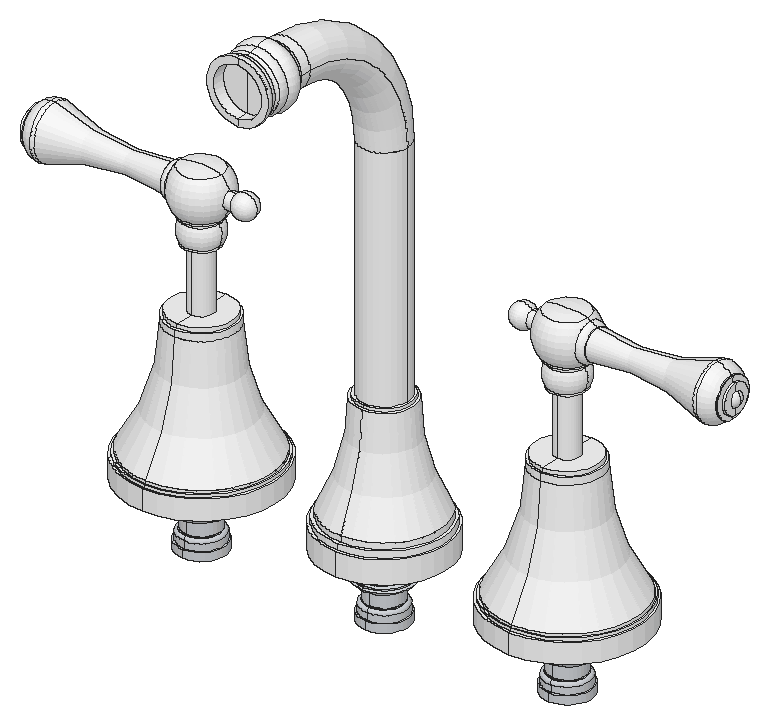
Revit family "Reece_Tap_Kado_Era_Wall Bath Set", category Plumbing Fixtures, host Face, Revit 2018
Family settings
  Host = Face
  Round Connector Dimension = Use Diameter
  Part Type = Normal
  Cut with Voids When Loaded = No
  Shared = Yes
  Room Calculation Point = Yes
Parameters (values of type "200 mm_Lever Handle_Chrome")
  WFU = 0  # constant formula
  URL = "https://www.reece.com.au/product/-9507588"
  Type Comments = "Tap"
  Reece_Tap_Reach = 200 mm
  Reece_Tap_Inlet = 12 mm  # constant formula
  Reece_Tap_Clearance = 75 mm  # constant formula
  Reece_Tap_Axis Distance [instance] = 150 mm
  Reece_Product_Web Page = "https://www.reece.com.au/product/-9507588"
  Reece_Product_Type = "Tap"  # constant formula
  Reece_Product_Sub Brand = "Era"  # constant formula
  Reece_Product_Number = "9507588"
  Reece_Product_Mount = "Wall Mounted"
  Reece_Product_Description = "Kado Era Wall Bath Set 200mm Lever Handle Chrome"
  Reece_Product_Brand = "Kado"  # constant formula
  Reece_Material_Secondary = Reece_Brass_Chrome
  Reece_Material_Colour = Reece_Brass_Chrome
  Reece_Material-Main = Reece_Brass_Chrome
  Reece_Handle_Type = Reece_Tap_Kado_Era_Wall Bath Set_Lever Handle_116 mm_Nested : Reece_Tap_Kado_Era_Wall Bath Set_Lever Handle_116 mm_Nested
  Reece_Detail_Shape = ""
  Reece_Detail_Installation = ""
  Reece_Detail_Disclaimer = "THIS FILE IS THE PROPERTY OF THE REECE GROUP. IT MAY NOT BE REPRODUCED, REVERSE-ENGINEERED OR MODIFIED. ANY REPUBLICATION, TRANSMISSION OR DISTRIBUTION FOR THE PURPOSE OF COMMERCIALLY EXPLOITING THE FILES IS PROHIBITED."  # constant formula
  Reece_Detail_Connector = ""
  Reece_Detail_Additional = "Wall Bath Set"
  Reece_Backplate_Diameter = 60 mm  # constant formula
  Model = "Era"
  Manufacturer = "Kado"
  Keynote = "Product #9507588, Reece_Tap_Kado_Era_Wall Bath Set - 200 mm_Lever Handle_Chrome"
  HWFU = 0  # constant formula
  Disclaimer = "THIS FILE IS THE PROPERTY OF THE REECE GROUP. IT MAY NOT BE REPRODUCED, REVERSE-ENGINEERED OR MODIFIED. ANY REPUBLICATION, TRANSMISSION OR DISTRIBUTION FOR THE PURPOSE OF COMMERCIALLY EXPLOITING THE FILES IS PROHIBITED."  # constant formula
  Description = "Kado Era Wall Bath Set 200mm Lever Handle Chrome"
  Default Elevation = 1000 mm
  CWFU = 0  # constant formula
Types (30, lengths in mm): name | URL | Reece_Tap_Reach | Reece_Product_Web Page | Reece_Product_Number | Reece_Product_Description | Reece_Material_Secondary | Reece_Material_Colour | Reece_Material-Main | Reece_Handle_Type | Reece_Detail_Additional | Keynote | Description
  (no name) | "https://www.reece.com.au/product/-9512070" | 250 | "https://www.reece.com.au/product/-9512070" | "9512070" | "Kado Era Wall Bath Set 250mm Lever Porcelain Handle Brushed Nickel" | Reece_Porcelain_White | Reece_Brass_Brushed Nickel | Reece_Brass_Brushed Nickel | Reece_Tap_Kado_Era_Wall Bath Set_Porcelain_Lever Handle_116 mm_Nested : Reece_Tap_Kado_Era_Wall Bath Set_Porcelain_Lever Handle_116 mm_Nested | "" | "Product #9512070, Reece_Tap_Kado_Era_Wall Bath Set -  " | "Kado Era Wall Bath Set 250mm Lever Porcelain Handle Brushed Nickel"
  250 mm_Lever Handle_Chrome | "https://www.reece.com.au/product/-9507594" | 250 | "https://www.reece.com.au/product/-9507594" | "9507594" | "Kado Era Wall Bath Set 250mm Lever Handle Chrome" | Reece_Brass_Chrome | Reece_Brass_Chrome | Reece_Brass_Chrome | Reece_Tap_Kado_Era_Wall Bath Set_Lever Handle_116 mm_Nested : Reece_Tap_Kado_Era_Wall Bath Set_Lever Handle_116 mm_Nested | "Wall Bath Set" | "Product #9507594, Reece_Tap_Kado_Era_Wall Bath Set - 250 mm_Lever Handle_Chrome" | "Kado Era Wall Bath Set 250mm Lever Handle Chrome"
  250 mm_Lever Handle_Matte Black | "https://www.reece.com.au/product/-2263696" | 250 | "https://www.reece.com.au/product/-2263696" | "2263696" | "Kado Era Wall Bath Set 250mm Lever Handle Matte Black" | Reece_Brass_Matte Black | Reece_Brass_Matte Black | Reece_Brass_Matte Black | Reece_Tap_Kado_Era_Wall Bath Set_Lever Handle_116 mm_Nested : Reece_Tap_Kado_Era_Wall Bath Set_Lever Handle_116 mm_Nested | "Wall Bath Set" | "Product #2263696, Reece_Tap_Kado_Era_Wall Bath Set - 250 mm_Lever Handle_Matte Black" | "Kado Era Wall Bath Set 250mm Lever Handle Matte Black"
  250 mm_Lever Handle_Brass Gold_Porcelain | "https://www.reece.com.au/product/-9507595" | 250 | "https://www.reece.com.au/product/-9507595" | "9507595" | "Kado Era Wall Bath Set 250mm Lever Porcelain Handle Brass Gold" | Reece_Porcelain_White | Reece_Brass_Gold | Reece_Brass_Gold | Reece_Tap_Kado_Era_Wall Bath Set_Porcelain_Lever Handle_116 mm_Nested : Reece_Tap_Kado_Era_Wall Bath Set_Porcelain_Lever Handle_116 mm_Nested | "Wall Bath Set" | "Product #9507595, Reece_Tap_Kado_Era_Wall Bath Set - 250 mm_Lever Handle_Brass Gold_Porcelain" | "Kado Era Wall Bath Set 250mm Lever Porcelain Handle Brass Gold"
  250 mm_Lever Handle_Chrome_Porcelain | "https://www.reece.com.au/product/-9507596" | 250 | "https://www.reece.com.au/product/-9507596" | "9507596" | "Kado Era Wall Bath Set 250mm Lever Porcelain Handle Chrome" | Reece_Porcelain_White | Reece_Brass_Chrome | Reece_Brass_Chrome | Reece_Tap_Kado_Era_Wall Bath Set_Porcelain_Lever Handle_116 mm_Nested : Reece_Tap_Kado_Era_Wall Bath Set_Porcelain_Lever Handle_116 mm_Nested | "Wall Bath Set" | "Product #9507596, Reece_Tap_Kado_Era_Wall Bath Set - 250 mm_Lever Handle_Chrome_Porcelain" | "Kado Era Wall Bath Set 250mm Lever Porcelain Handle Chrome"
  250 mm_Cross Handle_Chrome | "https://www.reece.com.au/product/-9507592" | 250 | "https://www.reece.com.au/product/-9507592" | "9507592" | "Kado Era Wall Bath Set 250mm Cross Handles Chrome" | Reece_Brass_Chrome | Reece_Plastic_White | Reece_Brass_Chrome | Reece_Tap_Kado_Era_Wall Bath Set_Cross Handle_116 mm_Nested : Reece_Tap_Kado_Era_Wall Bath Set_Cross Handle_116 mm_Nested | "Wall Bath Set" | "Product #9507592, Reece_Tap_Kado_Era_Wall Bath Set - 250 mm_Cross Handle_Chrome" | "Kado Era Wall Bath Set 250mm Cross Handles Chrome"
  250 mm_Cross Handle_Brass Gold | "https://www.reece.com.au/product/-9507591" | 250 | "https://www.reece.com.au/product/-9507591" | "9507591" | "Kado Era Wall Bath Set 250mm Cross Handles Brass Gold" | Reece_Brass_Gold | Reece_Plastic_White | Reece_Brass_Gold | Reece_Tap_Kado_Era_Wall Bath Set_Cross Handle_116 mm_Nested : Reece_Tap_Kado_Era_Wall Bath Set_Cross Handle_116 mm_Nested | "Wall Bath Set" | "Product #9507591, Reece_Tap_Kado_Era_Wall Bath Set - 250 mm_Cross Handle_Brass Gold" | "Kado Era Wall Bath Set 250mm Cross Handles Brass Gold"
  200 mm_Lever Handle_Chrome_Porcelain | "https://www.reece.com.au/product/-9507590" | 200 | "https://www.reece.com.au/product/-9507590" | "9507590" | "Kado Era Wall Bath Set 200mm Lever Porcelain Handle Chrome" | Reece_Porcelain_White | Reece_Brass_Chrome | Reece_Brass_Chrome | Reece_Tap_Kado_Era_Wall Bath Set_Porcelain_Lever Handle_116 mm_Nested : Reece_Tap_Kado_Era_Wall Bath Set_Porcelain_Lever Handle_116 mm_Nested | "Wall Bath Set" | "Product #9507590, Reece_Tap_Kado_Era_Wall Bath Set - 200 mm_Lever Handle_Chrome_Porcelain" | "Kado Era Wall Bath Set 200mm Lever Porcelain Handle Chrome"
  200 mm_Lever Handle_Brass Gold_Porcelain | "https://www.reece.com.au/product/-9507589" | 200 | "https://www.reece.com.au/product/-9507589" | "9507589" | "Kado Era Wall Bath Set 200mm Lever Porcelain Handle Brass Gold" | Reece_Porcelain_White | Reece_Brass_Gold | Reece_Brass_Gold | Reece_Tap_Kado_Era_Wall Bath Set_Porcelain_Lever Handle_116 mm_Nested : Reece_Tap_Kado_Era_Wall Bath Set_Porcelain_Lever Handle_116 mm_Nested | "Wall Bath Set" | "Product #9507589, Reece_Tap_Kado_Era_Wall Bath Set - 200 mm_Lever Handle_Brass Gold_Porcelain" | "Kado Era Wall Bath Set 200mm Lever Porcelain Handle Brass Gold"
  200 mm_Lever Handle_Matte Black | "https://www.reece.com.au/product/-2263695" | 200 | "https://www.reece.com.au/product/-2263695" | "2263695" | "Kado Era Wall Bath Set 200mm Lever Handle Matte Black" | Reece_Brass_Matte Black | Reece_Brass_Matte Black | Reece_Brass_Matte Black | Reece_Tap_Kado_Era_Wall Bath Set_Lever Handle_116 mm_Nested : Reece_Tap_Kado_Era_Wall Bath Set_Lever Handle_116 mm_Nested | "Wall Bath Set" | "Product #2263695, Reece_Tap_Kado_Era_Wall Bath Set - 200 mm_Lever Handle_Matte Black" | "Kado Era Wall Bath Set 200mm Lever Handle Matte Black"
  200 mm_Lever Handle_Chrome | "https://www.reece.com.au/product/-9507588" | 200 | "https://www.reece.com.au/product/-9507588" | "9507588" | "Kado Era Wall Bath Set 200mm Lever Handle Chrome" | Reece_Brass_Chrome | Reece_Brass_Chrome | Reece_Brass_Chrome | Reece_Tap_Kado_Era_Wall Bath Set_Lever Handle_116 mm_Nested : Reece_Tap_Kado_Era_Wall Bath Set_Lever Handle_116 mm_Nested | "Wall Bath Set" | "Product #9507588, Reece_Tap_Kado_Era_Wall Bath Set - 200 mm_Lever Handle_Chrome" | "Kado Era Wall Bath Set 200mm Lever Handle Chrome"
  200 mm_Lever Handle_Brass Gold | "https://www.reece.com.au/product/-9507587" | 200 | "https://www.reece.com.au/product/-9507587" | "9507587" | "Kado Era Wall Bath Set 200mm Lever Handle Brass Gold" | Reece_Brass_Gold | Reece_Brass_Gold | Reece_Brass_Gold | Reece_Tap_Kado_Era_Wall Bath Set_Lever Handle_116 mm_Nested : Reece_Tap_Kado_Era_Wall Bath Set_Lever Handle_116 mm_Nested | "Wall Bath Set" | "Product #9507587, Reece_Tap_Kado_Era_Wall Bath Set - 200 mm_Lever Handle_Brass Gold" | "Kado Era Wall Bath Set 200mm Lever Handle Brass Gold"
  200 mm_Cross Handle_Chrome | "https://www.reece.com.au/product/-9507585" | 200 | "https://www.reece.com.au/product/-9507585" | "9507585" | "Kado Era Wall Bath Set 200mm Cross Handles Chrome" | Reece_Brass_Chrome | Reece_Plastic_White | Reece_Brass_Chrome | Reece_Tap_Kado_Era_Wall Bath Set_Cross Handle_116 mm_Nested : Reece_Tap_Kado_Era_Wall Bath Set_Cross Handle_116 mm_Nested | "Wall Bath Set" | "Product #9507585, Reece_Tap_Kado_Era_Wall Bath Set - 200 mm_Cross Handle_Chrome" | "Kado Era Wall Bath Set 200mm Cross Handles Chrome"
  200 mm_Cross Handle_Brass Gold | "https://www.reece.com.au/product/-9507584" | 200 | "https://www.reece.com.au/product/-9507584" | "9507584" | "Kado Era Wall Bath Set 200mm Cross Handles Brass Gold" | Reece_Brass_Gold | Reece_Plastic_White | Reece_Brass_Gold | Reece_Tap_Kado_Era_Wall Bath Set_Cross Handle_116 mm_Nested : Reece_Tap_Kado_Era_Wall Bath Set_Cross Handle_116 mm_Nested | "Wall Bath Set" | "Product #9507584, Reece_Tap_Kado_Era_Wall Bath Set - 200 mm_Cross Handle_Brass Gold" | "Kado Era Wall Bath Set 200mm Cross Handles Brass Gold"
  150 mm_Lever Handle_Chrome_Porcelain | "https://www.reece.com.au/product/-9507600" | 150 | "https://www.reece.com.au/product/-9507600" | "9507600" | "Kado Era Wall Bath Set 150mm Lever Porcelain Handle Chrome" | Reece_Porcelain_White | Reece_Brass_Chrome | Reece_Brass_Chrome | Reece_Tap_Kado_Era_Wall Bath Set_Porcelain_Lever Handle_116 mm_Nested : Reece_Tap_Kado_Era_Wall Bath Set_Porcelain_Lever Handle_116 mm_Nested | "Wall Bath Set" | "Product #9507600, Reece_Tap_Kado_Era_Wall Bath Set - 150 mm_Lever Handle_Chrome_Porcelain" | "Kado Era Wall Bath Set 150mm Lever Porcelain Handle Chrome"
  150 mm_Lever Handle_Brass Gold_Porcelain | "https://www.reece.com.au/product/-9507599" | 150 | "https://www.reece.com.au/product/-9507599" | "9507599" | "Kado Era Wall Bath Set 150mm Lever Porcelain Handle Brass Gold" | Reece_Porcelain_White | Reece_Brass_Gold | Reece_Brass_Gold | Reece_Tap_Kado_Era_Wall Bath Set_Porcelain_Lever Handle_116 mm_Nested : Reece_Tap_Kado_Era_Wall Bath Set_Porcelain_Lever Handle_116 mm_Nested | "Wall Bath Set" | "Product #9507599, Reece_Tap_Kado_Era_Wall Bath Set - 150 mm_Lever Handle_Brass Gold_Porcelain" | "Kado Era Wall Bath Set 150mm Lever Porcelain Handle Brass Gold"
  150 mm_Lever Handle_Matte Black | "https://www.reece.com.au/product/-2263694" | 150 | "https://www.reece.com.au/product/-2263694" | "2263694" | "Kado Era Wall Bath Set 150mm Lever Handle Matte Black" | Reece_Brass_Matte Black | Reece_Brass_Matte Black | Reece_Brass_Matte Black | Reece_Tap_Kado_Era_Wall Bath Set_Lever Handle_116 mm_Nested : Reece_Tap_Kado_Era_Wall Bath Set_Lever Handle_116 mm_Nested | "Wall Bath Set" | "Product #2263694, Reece_Tap_Kado_Era_Wall Bath Set - 150 mm_Lever Handle_Matte Black" | "Kado Era Wall Bath Set 150mm Lever Handle Matte Black"
  150 mm_Lever Handle_Chrome | "https://www.reece.com.au/product/-9507598" | 150 | "https://www.reece.com.au/product/-9507598" | "9507598" | "Kado Era Wall Bath Set 150mm Lever Handle Chrome" | Reece_Brass_Chrome | Reece_Brass_Chrome | Reece_Brass_Chrome | Reece_Tap_Kado_Era_Wall Bath Set_Lever Handle_116 mm_Nested : Reece_Tap_Kado_Era_Wall Bath Set_Lever Handle_116 mm_Nested | "Wall Bath Set" | "Product #9507598, Reece_Tap_Kado_Era_Wall Bath Set - 150 mm_Lever Handle_Chrome" | "Kado Era Wall Bath Set 150mm Lever Handle Chrome"
  150 mm_Lever Handle_Brass Gold | "https://www.reece.com.au/product/-9507597" | 150 | "https://www.reece.com.au/product/-9507597" | "9507597" | "Kado Era Wall Bath Set 150mm Lever Handle Brass Gold" | Reece_Brass_Gold | Reece_Brass_Gold | Reece_Brass_Gold | Reece_Tap_Kado_Era_Wall Bath Set_Lever Handle_116 mm_Nested : Reece_Tap_Kado_Era_Wall Bath Set_Lever Handle_116 mm_Nested | "Wall Bath Set" | "Product #9507597, Reece_Tap_Kado_Era_Wall Bath Set - 150 mm_Lever Handle_Brass Gold" | "Kado Era Wall Bath Set 150mm Lever Handle Brass Gold"
  150 mm_Cross Handle_Chrome | "https://www.reece.com.au/product/-9507593" | 150 | "https://www.reece.com.au/product/-9507593" | "9507593" | "Kado Era Wall Bath Set 150mm Cross Handles Chrome" | Reece_Brass_Chrome | Reece_Plastic_White | Reece_Brass_Chrome | Reece_Tap_Kado_Era_Wall Bath Set_Cross Handle_116 mm_Nested : Reece_Tap_Kado_Era_Wall Bath Set_Cross Handle_116 mm_Nested | "Wall Bath Set" | "Product #9507593, Reece_Tap_Kado_Era_Wall Bath Set - 150 mm_Cross Handle_Chrome" | "Kado Era Wall Bath Set 150mm Cross Handles Chrome"
  150 mm_Cross Handle_Brass Gold | "https://www.reece.com.au/product/-9507586" | 150 | "https://www.reece.com.au/product/-9507586" | "9507586" | "Kado Era Wall Bath Set 150mm Cross Handles Brass Gold" | Reece_Brass_Gold | Reece_Plastic_White | Reece_Brass_Gold | Reece_Tap_Kado_Era_Wall Bath Set_Cross Handle_116 mm_Nested : Reece_Tap_Kado_Era_Wall Bath Set_Cross Handle_116 mm_Nested | "Wall Bath Set" | "Product #9507586, Reece_Tap_Kado_Era_Wall Bath Set - 150 mm_Cross Handle_Brass Gold" | "Kado Era Wall Bath Set 150mm Cross Handles Brass Gold"
  150 mm_Cross Handle_Brushed Nickel | "https://www.reece.com.au/product/-9512062" | 150 | "https://www.reece.com.au/product/-9512062" | "9512062" | "Kado Era Wall Bath Set 150mm Cross Handles Brushed Nickel" | Reece_Brass_Brushed Nickel | Reece_Plastic_White | Reece_Brass_Brushed Nickel | Reece_Tap_Kado_Era_Wall Bath Set_Cross Handle_116 mm_Nested : Reece_Tap_Kado_Era_Wall Bath Set_Cross Handle_116 mm_Nested | "" | "Product #9512062, Reece_Tap_Kado_Era_Wall Bath Set - 150 mm_Cross Handle_Brushed Nickel" | "Kado Era Wall Bath Set 150mm Cross Handles Brushed Nickel"
  150 mm_Lever Handle_Brushed Nickel | "https://www.reece.com.au/product/-9512065" | 150 | "https://www.reece.com.au/product/-9512065" | "9512065" | "Kado Era Wall Bath Set 150mm Lever Handle Brushed Nickel" | Reece_Brass_Brushed Nickel | Reece_Plastic_White | Reece_Brass_Brushed Nickel | Reece_Tap_Kado_Era_Wall Bath Set_Lever Handle_116 mm_Nested : Reece_Tap_Kado_Era_Wall Bath Set_Lever Handle_116 mm_Nested | "" | "Product #9512065, Reece_Tap_Kado_Era_Wall Bath Set - 150 mm_Lever Handle_Brushed Nickel" | "Kado Era Wall Bath Set 150mm Lever Handle Brushed Nickel"
  150 mm_Lever Handle_Brushed Nickel_Porcelain | "https://www.reece.com.au/product/-9512068" | 150 | "https://www.reece.com.au/product/-9512068" | "9512068" | "Kado Era Wall Bath Set 150mm Lever Porcelain Handle Brushed Nickel" | Reece_Porcelain_White | Reece_Brass_Brushed Nickel | Reece_Brass_Brushed Nickel | Reece_Tap_Kado_Era_Wall Bath Set_Porcelain_Lever Handle_116 mm_Nested : Reece_Tap_Kado_Era_Wall Bath Set_Porcelain_Lever Handle_116 mm_Nested | "" | "Product #9512068, Reece_Tap_Kado_Era_Wall Bath Set - 150 mm_Lever Handle_Brushed Nickel_Porcelain" | "Kado Era Wall Bath Set 150mm Lever Porcelain Handle Brushed Nickel"
  200 mm_Cross Handle_Brushed Nickel | "https://www.reece.com.au/product/-9512063" | 200 | "https://www.reece.com.au/product/-9512063" | "9512063" | "Kado Era Wall Bath Set 200mm Cross Handles Brushed Nickel" | Reece_Brass_Brushed Nickel | Reece_Plastic_White | Reece_Brass_Brushed Nickel | Reece_Tap_Kado_Era_Wall Bath Set_Cross Handle_116 mm_Nested : Reece_Tap_Kado_Era_Wall Bath Set_Cross Handle_116 mm_Nested | "" | "Product #9512063, Reece_Tap_Kado_Era_Wall Bath Set - 200 mm_Cross Handle_Brushed Nickel" | "Kado Era Wall Bath Set 200mm Cross Handles Brushed Nickel"
  200 mm_Lever Handle_Brushed Nickel | "https://www.reece.com.au/product/-9512066" | 200 | "https://www.reece.com.au/product/-9512066" | "9512066" | "Kado Era Wall Bath Set 200mm Lever Handle Brushed Nickel" | Reece_Brass_Brushed Nickel | Reece_Brass_Brushed Nickel | Reece_Brass_Brushed Nickel | Reece_Tap_Kado_Era_Wall Bath Set_Lever Handle_116 mm_Nested : Reece_Tap_Kado_Era_Wall Bath Set_Lever Handle_116 mm_Nested | "" | "Product #9512066, Reece_Tap_Kado_Era_Wall Bath Set - 200 mm_Lever Handle_Brushed Nickel" | "Kado Era Wall Bath Set 200mm Lever Handle Brushed Nickel"
  200 mm_Lever Handle_Brushed Nickel_Porcelain | "https://www.reece.com.au/product/-9512069" | 200 | "https://www.reece.com.au/product/-9512069" | "9512069" | "Kado Era Wall Bath Set 200mm Lever Porcelain Handle Brushed Nickel" | Reece_Porcelain_White | Reece_Brass_Brushed Nickel | Reece_Brass_Brushed Nickel | Reece_Tap_Kado_Era_Wall Bath Set_Porcelain_Lever Handle_116 mm_Nested : Reece_Tap_Kado_Era_Wall Bath Set_Porcelain_Lever Handle_116 mm_Nested | "" | "Product #9512069, Reece_Tap_Kado_Era_Wall Bath Set - 200 mm_Lever Handle_Brushed Nickel_Porcelain" | "Kado Era Wall Bath Set 200mm Lever Porcelain Handle Brushed Nickel"
  250 mm_Cross Handle_Brushed Nickel | "https://www.reece.com.au/product/-9512064" | 250 | "https://www.reece.com.au/product/-9512064" | "9512064" | "Kado Era Wall Bath Set 250mm Cross Handles Brushed Nickel" | Reece_Brass_Brushed Nickel | Reece_Plastic_White | Reece_Brass_Brushed Nickel | Reece_Tap_Kado_Era_Wall Bath Set_Cross Handle_116 mm_Nested : Reece_Tap_Kado_Era_Wall Bath Set_Cross Handle_116 mm_Nested | "" | "Product #9512064, Reece_Tap_Kado_Era_Wall Bath Set - 250 mm_Cross Handle_Brushed Nickel" | "Kado Era Wall Bath Set 250mm Cross Handles Brushed Nickel"
  250 mm_Lever Handle_Brushed Nickel | "https://www.reece.com.au/product/-9512067" | 250 | "https://www.reece.com.au/product/-9512067" | "9512067" | "Kado Era Wall Bath Set 250mm Lever Handle Brushed Nickel" | Reece_Brass_Brushed Nickel | Reece_Brass_Brushed Nickel | Reece_Brass_Brushed Nickel | Reece_Tap_Kado_Era_Wall Bath Set_Lever Handle_116 mm_Nested : Reece_Tap_Kado_Era_Wall Bath Set_Lever Handle_116 mm_Nested | "" | "Product #9512067, Reece_Tap_Kado_Era_Wall Bath Set - 250 mm_Lever Handle_Brushed Nickel" | "Kado Era Wall Bath Set 250mm Lever Handle Brushed Nickel"
  250 mm_Lever Handle_Brushed Nickel_Porcelain | "https://www.reece.com.au/product/-9512070" | 250 | "https://www.reece.com.au/product/-9512070" | "9512070" | "Kado Era Wall Bath Set 250mm Lever Porcelain Handle Brushed Nickel" | Reece_Porcelain_White | Reece_Brass_Brushed Nickel | Reece_Brass_Brushed Nickel | Reece_Tap_Kado_Era_Wall Bath Set_Porcelain_Lever Handle_116 mm_Nested : Reece_Tap_Kado_Era_Wall Bath Set_Porcelain_Lever Handle_116 mm_Nested | "" | "Product #9512070, Reece_Tap_Kado_Era_Wall Bath Set - 250 mm_Lever Handle_Brushed Nickel_Porcelain" | "Kado Era Wall Bath Set 250mm Lever Porcelain Handle Brushed Nickel"
Reference planes
  plane 1 "Center (Front/Back)": y = 0
  plane 2 "Bottom": z = 0
  plane 3 "Center (Left/Right)": x = 0
  plane 4 "left": x = -75
  plane 5 "right": x = 75
  plane 6: y = -30
  plane 7: y = 30
  plane 8: y = -75
  plane 9: z = 200
Forms (mm)
  Revolve 1, solid
    sketch origin (-75, -128.901, 1219.2) x (0, -1, 0) y (0, 0, 1)
      loop
        line (-130.291, -1249.229) -> (-128.901, -1249.229) -> (-128.901, -1219.2) -> (-140.374, -1219.2) -> (-140.374, -1222.813) -> (-139.398, -1223.187) -> (-139.398, -1223.987) -> (-140.37, -1224.549) -> (-139.398, -1225.023) -> (-139.398, -1225.823) -> (-140.359, -1226.378) -> (-139.398, -1226.846) -> (-139.398, -1227.646) -> (-140.366, -1228.205) -> (-139.398, -1228.616) -> (-139.398, -1229.416) -> (-140.275, -1229.923) -> (-139.166, -1231.032) -> (-136.181, -1231.032) -> (-136.181, -1237.729) -> (-135.615, -1238.294) -> (-136.415, -1238.294)
        arc (-136.415, -1238.294) -> (-137.255, -1238.642) -> (-137.603, -1239.482) r 1.188
        line (-137.603, -1239.482) -> (-137.603, -1242.245) -> (-138.403, -1242.245) -> (-138.403, -1245.49) -> (-132.464, -1245.49) -> (-130.291, -1249.229)
      axis (-128.901, -1219.2) -> (-128.901, -1249.229)
    angle from 0 to 360
  Revolve 2, void
    sketch origin (0, 0, 0) x (1, 0, 0) y (0, 0, 1)
      loop
        line (-75, -37.024) -> (-75, 0) -> (-90.541, 0) -> (-90.541, -37.024) -> (-75, -37.024)
      axis (-75, 0) -> (-75, -37.024)
    angle from 0 to 360
  Revolve 3, void
    sketch origin (0, 0, 0) x (-1, 0, 0) y (0, 0, 1)
      loop
        line (-75, -37.024) -> (-75, 0) -> (-90.541, 0) -> (-90.541, -37.024) -> (-75, -37.024)
      axis (-75, 0) -> (-75, -37.024)
    angle from 0 to 360
  Revolve 4, solid
    sketch origin (75, -134.759, 1219.2) x (0, -1, 0) y (0, 0, 1)
      loop
        line (-136.149, -1249.229) -> (-134.759, -1249.229) -> (-134.759, -1219.2) -> (-146.232, -1219.2) -> (-146.232, -1222.813) -> (-145.256, -1223.187) -> (-145.256, -1223.987) -> (-146.228, -1224.549) -> (-145.256, -1225.023) -> (-145.256, -1225.823) -> (-146.216, -1226.378) -> (-145.256, -1226.846) -> (-145.256, -1227.646) -> (-146.223, -1228.205) -> (-145.256, -1228.616) -> (-145.256, -1229.416) -> (-146.133, -1229.923) -> (-145.024, -1231.032) -> (-142.038, -1231.032) -> (-142.038, -1237.729) -> (-141.473, -1238.294) -> (-142.273, -1238.294)
        arc (-142.273, -1238.294) -> (-143.113, -1238.642) -> (-143.461, -1239.482) r 1.188
        line (-143.461, -1239.482) -> (-143.461, -1242.245) -> (-144.261, -1242.245) -> (-144.261, -1245.49) -> (-138.322, -1245.49) -> (-136.149, -1249.229)
      axis (-134.759, -1219.2) -> (-134.759, -1249.229)
    angle from 0 to 360
  Revolve 5, solid, material "Reece_Brass_Chrome" <- "Reece_Material-Main"
    sketch origin (0, 0, 0) x (0, 1, 0) y (0, 0, 1)
      loop
        line (0, 0) -> (0, 56.755) -> (-10.622, 56.755) -> (-10.622, 55.568) -> (-11.75, 55.568)
        arc (-11.75, 55.568) -> (-14.255, 34.066) -> (-22.54, 14.068) r 78.452
        line (-22.54, 14.068) -> (-22.54, 11.755) -> (-23.802, 11.755) -> (-23.802, 9.291) -> (-25, 9.291) -> (-25, 0) -> (0, 0)
      axis (0, 0) -> (0, 56.755)
    angle from 0 to 360
  Sweep 6, solid, material "Reece_Brass_Chrome" <- "Reece_Material-Main"
    path origin (0, 0, 0) x (0, 1, 0) y (0, 0, 1)
      loop
        line (-54.466, 200) -> (-50, 200)
        arc (-50, 200) -> (-14.645, 185.355) -> (0, 150) r 50
        line (0, 150) -> (0, 56.755)
    profile origin (0, 0, 103.377) x (1, 0, 0) y (0, 1, 0)
      loop
        circle (0, 0) r 9.5
  Revolve 7, solid, material "Reece_Brass_Chrome" <- "Reece_Material-Main"
    sketch origin (0, 0, -50) x (0, 1, 0) y (0, 0, 1)
      loop
        line (-75, 259.802) -> (-70.319, 259.802) -> (-70.319, 250) -> (-54.466, 250) -> (-54.466, 259.5)
        arc (-54.466, 259.5) -> (-55.464, 260.226) -> (-56.663, 260.524) r 3.227
        arc (-56.663, 260.524) -> (-60.299, 262.942) -> (-64.563, 261.999) r 5.578
        arc (-64.563, 261.999) -> (-66.576, 262.163) -> (-68.496, 261.537) r 5.133
        arc (-68.496, 261.537) -> (-69.426, 261.226) -> (-70.404, 261.284) r 2.586
        arc (-70.404, 261.284) -> (-71.233, 261.78) -> (-72.199, 261.74) r 1.687
        arc (-72.199, 261.74) -> (-73.493, 262.522) -> (-75, 262.635) r 3.254
        line (-75, 262.635) -> (-75, 259.802)
      axis (-54.466, 250) -> (-75, 250)
    angle from 0 to 360
  Revolve 8, solid
    sketch origin (0, 0, 0) x (0, 1, 0) y (0, 0, 1)
      loop
        line (1.39, -30.029) -> (3.563, -26.29) -> (9.502, -26.29) -> (9.502, -23.045) -> (8.702, -23.045) -> (8.702, -20.282)
        arc (8.702, -20.282) -> (8.354, -19.442) -> (7.514, -19.094) r 1.188
        line (7.514, -19.094) -> (6.714, -19.094) -> (7.28, -18.529) -> (7.28, -11.832) -> (10.266, -11.832) -> (11.374, -10.723) -> (10.497, -10.216) -> (10.497, -9.416) -> (11.465, -9.005) -> (10.497, -8.446) -> (10.497, -7.646) -> (11.458, -7.178) -> (10.497, -6.623) -> (10.497, -5.823) -> (11.469, -5.349) -> (10.497, -4.787) -> (10.497, -3.987) -> (11.473, -3.613) -> (11.473, 0) -> (0, 0) -> (0, -30.029) -> (1.39, -30.029)
      axis (0, 0) -> (0, -30.029)
    angle from 0 to 360
  Revolve 9, void
    sketch origin (-75, 0, 0) x (-1, 0, 0) y (0, 0, 1)
      loop
        line (-75, -37.024) -> (-75, 0) -> (-90.541, 0) -> (-90.541, -37.024) -> (-75, -37.024)
      axis (-75, 0) -> (-75, -37.024)
    angle from 0 to 360
Cuts and joins
  joined: Revolve 5, Sweep 6, Revolve 7
Text (mm)
  text "Reece Copyright © 2018, Reece Ltd." at (18.968, -193.79, 0), in view "Ref. Level"
  text "Reece ©" at (44.384, 258.95, 192.345), in view "Reece Preview"
Dimensions and locks
  equal spacing: plane 4 "left", plane 3 "Center (Left/Right)", plane 5 "right"  (x2)
  plane 6 to plane 7 = 60 mm
  plane 7 to plane 6 = 60 mm
  plane 4 "left" to plane 5 "right" = 150 mm
  plane 5 "right" to plane 4 "left" = 150 mm
  equal spacing: plane 5 "right", plane 3 "Center (Left/Right)", plane 4 "left"
  "Reece_Backplate_Diameter": plane 6 to plane 7
  equal spacing: plane 6, plane 1 "Center (Front/Back)", plane 7
  "Reece_Tap_Axis Distance": plane 4 "left" to plane 5 "right"
  "Reece_Tap_Reach": plane 9 to plane 2 "Bottom"
  locked: Revolve 7 to plane 9 at 12.635
  locked: plane 9 to Sweep 6 sketch curve at 0
  "Reece_Tap_Clearance": plane 8 to plane 1 "Center (Front/Back)"
  aligned and locked: plane 2 "Bottom" to host face
  aligned and locked: level to host face
  aligned and locked: Revolve 1 sketch curve to plane 1 "Center (Front/Back)"
  aligned and locked: Revolve 9 sketch curve to plane 3 "Center (Left/Right)"
Automatic sketch dimensions
  host sketch curve to host sketch curve = 380.785 mm
  host sketch curve to host sketch curve = 317.421 mm
  Revolve 1 sketch curve to level = 0 mm
  Revolve 1 sketch curve to plane 1 "Center (Front/Back)" = 0 mm
  Revolve 1 sketch curve to Revolve 1 sketch curve = 1.39 mm
  Revolve 1 sketch curve to plane 1 "Center (Front/Back)" = 3.563 mm
  Revolve 1 sketch curve to plane 1 "Center (Front/Back)" = 6.714 mm
  Revolve 1 sketch curve to plane 1 "Center (Front/Back)" = 7.28 mm
  Revolve 1 sketch curve to Revolve 1 sketch curve = 0.8 mm  (x6)
  Revolve 1 sketch curve to Revolve 1 sketch curve = 1.188 mm
  Revolve 1 sketch curve to Revolve 1 sketch curve = 2.986 mm
  Revolve 1 sketch curve to Revolve 1 sketch curve = 0.231 mm  (x2)
  Revolve 1 sketch curve to Revolve 1 sketch curve = 0 mm  (x2)
  Revolve 1 sketch curve to level = 3.987 mm
  Revolve 1 sketch curve to Revolve 1 sketch curve = 0.878 mm
  Revolve 1 sketch curve to Revolve 1 sketch curve = 0.961 mm
  Revolve 1 sketch curve to Revolve 1 sketch curve = 0.968 mm
  Revolve 1 sketch curve to level = 5.349 mm
  Revolve 1 sketch curve to Revolve 1 sketch curve = 0.972 mm
  Revolve 1 sketch curve to level = 3.612 mm
  Revolve 1 sketch curve to Revolve 1 sketch curve = 0.977 mm
  Revolve 1 sketch curve to Revolve 1 sketch curve = 0.474 mm
  Revolve 1 sketch curve to Revolve 1 sketch curve = 0.555 mm
  Revolve 1 sketch curve to Revolve 1 sketch curve = 1.023 mm
  Revolve 1 sketch curve to Revolve 1 sketch curve = 0.559 mm
  Revolve 1 sketch curve to Revolve 1 sketch curve = 0.97 mm
  Revolve 1 sketch curve to Revolve 1 sketch curve = 0.507 mm
  Revolve 1 sketch curve to Revolve 1 sketch curve = 1.615 mm
  Revolve 1 sketch curve to Revolve 1 sketch curve = 6.697 mm
  Revolve 1 sketch curve to Revolve 1 sketch curve = 0.566 mm
  Revolve 1 sketch curve to Revolve 1 sketch curve = 2.762 mm
  Revolve 1 sketch curve to Revolve 1 sketch curve = 3.246 mm
  Revolve 1 sketch curve to Revolve 1 sketch curve = 3.739 mm
  Revolve 1 sketch curve to Revolve 1 sketch curve = 7.488 mm
  Revolve 1 sketch curve to Revolve 1 sketch curve = 8.93 mm
  Revolve 2 sketch curve to level = 0 mm
  plane 4 "left" to Revolve 2 sketch curve = 0 mm  (x2)
  Revolve 2 sketch curve to Revolve 2 sketch curve = 15.541 mm
  Revolve 2 sketch curve to level = 37.024 mm
  Revolve 2 sketch curve to Revolve 2 sketch curve = 29.166 mm
  Revolve 2 sketch curve to Revolve 2 sketch curve = 18.517 mm
  Revolve 3 sketch curve to level = 0 mm
  Revolve 3 sketch curve to plane 5 "right" = 0 mm  (x2)
  Revolve 3 sketch curve to Revolve 3 sketch curve = 15.541 mm
  level to Revolve 3 sketch curve = 37.024 mm
  Revolve 3 sketch curve to Revolve 3 sketch curve = 29.166 mm
  Revolve 3 sketch curve to Revolve 3 sketch curve = 18.517 mm
  level to Revolve 4 sketch curve = 0 mm
  Revolve 4 sketch curve to plane 1 "Center (Front/Back)" = 0 mm  (x2)
  Revolve 4 sketch curve to Revolve 4 sketch curve = 1.39 mm
  plane 1 "Center (Front/Back)" to Revolve 4 sketch curve = 3.563 mm
  plane 1 "Center (Front/Back)" to Revolve 4 sketch curve = 6.714 mm
  plane 1 "Center (Front/Back)" to Revolve 4 sketch curve = 7.28 mm
  Revolve 4 sketch curve to Revolve 4 sketch curve = 0.8 mm  (x6)
  Revolve 4 sketch curve to Revolve 4 sketch curve = 1.188 mm
  Revolve 4 sketch curve to Revolve 4 sketch curve = 2.986 mm
  Revolve 4 sketch curve to Revolve 4 sketch curve = 0.231 mm  (x2)
  Revolve 4 sketch curve to Revolve 4 sketch curve = 0 mm  (x2)
  level to Revolve 4 sketch curve = 3.987 mm
  Revolve 4 sketch curve to Revolve 4 sketch curve = 0.878 mm
  Revolve 4 sketch curve to Revolve 4 sketch curve = 0.961 mm
  Revolve 4 sketch curve to Revolve 4 sketch curve = 0.968 mm
  level to Revolve 4 sketch curve = 5.349 mm
  Revolve 4 sketch curve to Revolve 4 sketch curve = 0.972 mm
  level to Revolve 4 sketch curve = 3.612 mm
  Revolve 4 sketch curve to Revolve 4 sketch curve = 0.977 mm
  Revolve 4 sketch curve to Revolve 4 sketch curve = 0.474 mm
  Revolve 4 sketch curve to Revolve 4 sketch curve = 0.555 mm
  Revolve 4 sketch curve to Revolve 4 sketch curve = 1.023 mm
  Revolve 4 sketch curve to Revolve 4 sketch curve = 0.559 mm
  Revolve 4 sketch curve to Revolve 4 sketch curve = 0.97 mm
  Revolve 4 sketch curve to Revolve 4 sketch curve = 0.507 mm
  Revolve 4 sketch curve to Revolve 4 sketch curve = 1.615 mm
  Revolve 4 sketch curve to Revolve 4 sketch curve = 6.697 mm
  Revolve 4 sketch curve to Revolve 4 sketch curve = 0.566 mm
  Revolve 4 sketch curve to Revolve 4 sketch curve = 2.762 mm
  Revolve 4 sketch curve to Revolve 4 sketch curve = 3.246 mm
  Revolve 4 sketch curve to Revolve 4 sketch curve = 3.739 mm
  Revolve 4 sketch curve to Revolve 4 sketch curve = 7.488 mm
  Revolve 4 sketch curve to Revolve 4 sketch curve = 8.93 mm
  Sweep 6 sketch curve to plane 3 "Center (Left/Right)" = 0 mm
  profile plane to Sweep 6 sketch curve = 0 mm
  level to Revolve 5 sketch curve = 0 mm
  Revolve 5 sketch curve to plane 1 "Center (Front/Back)" = 0 mm  (x2)
  plane 1 "Center (Front/Back)" to Revolve 5 sketch curve = 10.622 mm
  Revolve 5 sketch curve to Revolve 5 sketch curve = 1.128 mm
  plane 6 to Revolve 5 sketch curve = 7.46 mm
  Revolve 5 sketch curve to Revolve 5 sketch curve = 1.262 mm
  plane 6 to Revolve 5 sketch curve = 5 mm
  Revolve 5 sketch curve to plane 6 = 60.183 mm
  level to Revolve 5 sketch curve = 9.291 mm
  Revolve 5 sketch curve to Revolve 5 sketch curve = 2.464 mm
  Revolve 5 sketch curve to Revolve 5 sketch curve = 2.313 mm
  level to Revolve 5 sketch curve = 53.808 mm
  Revolve 5 sketch curve to Revolve 5 sketch curve = 1.187 mm
  Revolve 5 sketch curve to Revolve 5 sketch curve = 16.245 mm
  Revolve 5 sketch curve to Revolve 5 sketch curve = 18.352 mm
  Revolve 7 sketch curve to plane 9 = 0 mm
  Revolve 7 sketch curve to plane 8 = 0 mm
  plane 9 to Revolve 7 sketch curve = 0 mm
  plane 8 to Revolve 7 sketch curve = 0.517 mm
  Revolve 7 sketch curve to Revolve 7 sketch curve = 2.833 mm  (x2)
  Revolve 7 sketch curve to Revolve 7 sketch curve = 1.331 mm
  Revolve 7 sketch curve to Revolve 7 sketch curve = 0.553 mm
  Revolve 7 sketch curve to Revolve 7 sketch curve = 4.342 mm
  Revolve 7 sketch curve to Revolve 7 sketch curve = 4.654 mm
  Revolve 7 sketch curve to Revolve 7 sketch curve = 4.495 mm
  Revolve 7 sketch curve to Revolve 7 sketch curve = 2.362 mm
  plane 9 to Revolve 7 sketch curve = 7.065 mm
  Revolve 7 sketch curve to Revolve 7 sketch curve = 0.157 mm
  Revolve 7 sketch curve to Revolve 7 sketch curve = 2.358 mm
  Revolve 7 sketch curve to Revolve 7 sketch curve = 0.38 mm
  Revolve 7 sketch curve to Revolve 7 sketch curve = 0.343 mm
  Revolve 7 sketch curve to Revolve 7 sketch curve = 3.988 mm
  Revolve 7 sketch curve to plane 8 = 12.631 mm
  Revolve 7 sketch curve to Revolve 7 sketch curve = 0.549 mm
  Revolve 7 sketch curve to Revolve 7 sketch curve = 0.086 mm
  Revolve 7 sketch curve to Revolve 7 sketch curve = 0 mm  (x2)
  Revolve 7 sketch curve to Revolve 7 sketch curve = 3.934 mm
  Revolve 7 sketch curve to Revolve 7 sketch curve = 2.197 mm
  Revolve 7 sketch curve to Revolve 7 sketch curve = 1.024 mm
  Revolve 8 sketch curve to plane 1 "Center (Front/Back)" = 0 mm  (x2)
  level to Revolve 8 sketch curve = 0 mm
  Revolve 8 sketch curve to Revolve 8 sketch curve = 1.39 mm
  Revolve 8 sketch curve to plane 1 "Center (Front/Back)" = 3.563 mm
  Revolve 8 sketch curve to plane 1 "Center (Front/Back)" = 6.714 mm
  Revolve 8 sketch curve to plane 1 "Center (Front/Back)" = 7.28 mm
  Revolve 8 sketch curve to Revolve 8 sketch curve = 0.8 mm  (x6)
  Revolve 8 sketch curve to Revolve 8 sketch curve = 1.188 mm
  Revolve 8 sketch curve to Revolve 8 sketch curve = 2.986 mm
  Revolve 8 sketch curve to Revolve 8 sketch curve = 0.231 mm
  Revolve 8 sketch curve to Revolve 8 sketch curve = 0 mm  (x3)
  Revolve 8 sketch curve to level = 3.987 mm
  Revolve 8 sketch curve to Revolve 8 sketch curve = 0.878 mm
  Revolve 8 sketch curve to Revolve 8 sketch curve = 0.961 mm
  Revolve 8 sketch curve to Revolve 8 sketch curve = 0.968 mm
  Revolve 8 sketch curve to level = 5.349 mm
  Revolve 8 sketch curve to Revolve 8 sketch curve = 0.972 mm
  Revolve 8 sketch curve to level = 3.612 mm
  Revolve 8 sketch curve to Revolve 8 sketch curve = 0.977 mm
  Revolve 8 sketch curve to Revolve 8 sketch curve = 0.474 mm
  Revolve 8 sketch curve to Revolve 8 sketch curve = 0.555 mm
  Revolve 8 sketch curve to Revolve 8 sketch curve = 1.023 mm
  Revolve 8 sketch curve to Revolve 8 sketch curve = 0.559 mm
  Revolve 8 sketch curve to Revolve 8 sketch curve = 0.97 mm
  Revolve 8 sketch curve to Revolve 8 sketch curve = 0.507 mm
  Revolve 8 sketch curve to Revolve 8 sketch curve = 1.615 mm
  Revolve 8 sketch curve to Revolve 8 sketch curve = 6.697 mm
  Revolve 8 sketch curve to Revolve 8 sketch curve = 0.566 mm
  Revolve 8 sketch curve to Revolve 8 sketch curve = 2.762 mm
  Revolve 8 sketch curve to Revolve 8 sketch curve = 3.246 mm
  Revolve 8 sketch curve to Revolve 8 sketch curve = 3.739 mm
  Revolve 8 sketch curve to Revolve 8 sketch curve = 7.488 mm
  Revolve 8 sketch curve to Revolve 8 sketch curve = 8.93 mm
  Revolve 9 sketch curve to level = 0 mm
  Revolve 9 sketch curve to plane 3 "Center (Left/Right)" = 0 mm
  Revolve 9 sketch curve to Revolve 9 sketch curve = 15.541 mm
  level to Revolve 9 sketch curve = 37.024 mm
  Revolve 9 sketch curve to Revolve 9 sketch curve = 29.166 mm
  Revolve 9 sketch curve to Revolve 9 sketch curve = 18.517 mm
  Sweep 6 sketch curve to plane 1 "Center (Front/Back)" = 0 mm
  Sweep 6 sketch curve to plane 6 = 20 mm
  Sweep 6 sketch curve to Sweep 6 sketch curve = 4.466 mm
  level to Sweep 6 sketch curve = 56.755 mm
  radius of Sweep 6 sketch curve = 9.5 mm
Nested families
  nested 1: "Reece_Tap_Kado_Era_Wall Bath Set_Lever Handle_116 mm_Nested" at (-75, 0, 0), type <- "Reece_Handle_Type", Reece_Material-Main <- "Reece_Material-Main", Reece_Material_Secondary <- "Reece_Material_Secondary", Reece_Material_Colour <- "Reece_Material_Colour", type "Reece_Tap_Kado_Era_Wall Bath Set_Lever Handle_116 mm_Nested"
    with Reece_Material_Secondary Reece_Brass_Chrome, Reece_Material_Colour Reece_Brass_Chrome, Reece_Material-Main Reece_Brass_Chrome
  nested 2: "Reece_Tap_Kado_Era_Wall Bath Set_Lever Handle_116 mm_Nested" at (75, 0, 0) x (-1, 0, 0) z (0, 0, 1), type <- "Reece_Handle_Type", Reece_Material-Main <- "Reece_Material-Main", Reece_Material_Secondary <- "Reece_Material_Secondary", Reece_Material_Colour <- "Reece_Material_Colour", type "Reece_Tap_Kado_Era_Wall Bath Set_Lever Handle_116 mm_Nested"
    with Reece_Material_Secondary Reece_Brass_Chrome, Reece_Material_Colour Reece_Brass_Chrome, Reece_Material-Main Reece_Brass_Chrome
Connectors
  piping at (-75, 0, -11.832), diameter 12, driven by "Reece_Tap_Inlet"
    settings: on Revolve 1, index 3, connector inside diameter 609.6 mm, connector length 0 mm, flow factor 0, pipe flow 0.0 L/s, pressure drop 0.0 Pa, fitting loss kfactor 0, connector angle 0.00°, fixture units 0, engagement length 0 mm, angle of deflection 0.00°, flow configuration 0, flow direction 1, fitting loss method 0, system type 29, joint type 0, gender type 0, connector reference index -1, connector utility 0, adjustable connector no, is connector primary yes, connector description ""
  piping at (75, 0, -11.832), diameter 12, driven by "Reece_Tap_Inlet"
    settings: on Revolve 4, index 4, connector inside diameter 609.6 mm, connector length 0 mm, flow factor 0, pipe flow 0.0 L/s, pressure drop 0.0 Pa, fitting loss kfactor 0, connector angle 0.00°, fixture units 0, engagement length 0 mm, angle of deflection 0.00°, flow configuration 0, flow direction 1, fitting loss method 0, system type 29, joint type 0, gender type 0, connector reference index -1, connector utility 0, adjustable connector no, is connector primary no, connector description ""
  piping at (0, 0, 0), diameter 12, driven by "Reece_Tap_Inlet"
    settings: on host face, index 5, connector inside diameter 609.6 mm, connector length 0 mm, flow factor 0, pipe flow 0.0 L/s, pressure drop 0.0 Pa, fitting loss kfactor 0, connector angle 0.00°, fixture units 0, engagement length 0 mm, angle of deflection 0.00°, flow configuration 0, flow direction 1, fitting loss method 0, system type 29, joint type 0, gender type 0, connector reference index -1, connector utility 0, adjustable connector no, is connector primary no, connector description ""
Definition of nested family "Reece_Tap_Kado_Era_Wall Bath Set_Lever Handle_116 mm_Nested"
  Parameters (values of type "Reece_Tap_Kado_Era_Wall Bath Set_Lever Handle_116 mm_Nested")
    Waste Connection = no
    WFU = 0
    Vent Connection = no
    URL = ""
    Type Comments = ""
    Reece_Material_Secondary [instance] = none
    Reece_Material_Colour [instance] = none
    Reece_Material-Main [instance] = none
    Model = ""
    Manufacturer = ""
    Keynote = ""
    HWFU = 0
    HW Connection = no
    Description = ""
    Default Elevation = 0 mm
    Cost = 0
    CWFU = 0
    CW Connection = no
    Assembly Code = ""
  Reference planes
    plane 1 "Center (Front/Back)": y = 0
    plane 2 "Bottom": z = 0
    plane 3 "Center (Left/Right)": x = 0
    plane 4: z = 10
    plane 5: z = 116
  Forms (mm)
    Extrusion 1, solid
      sketch origin (619.2, -619.2, 0) x (1, 0, 0) y (0, 1, 0)
        loop
          line (-809.2, 779.2) -> (-809.2, 461.779) -> (-428.415, 461.779) -> (-428.415, 779.2) -> (-809.2, 779.2)
      from 0 to -9.564
    Revolve 2, solid, material <- "Reece_Material-Main"
      sketch origin (0, 0, 0) x (0, -1, 0) y (0, 0, 1)
        loop
          line (0, 61) -> (4.8, 61) -> (4.8, 85.701) -> (0, 85.701) -> (0, 61)
        axis (0, 61) -> (0, 85.701)
      angle from 0 to 360
    Revolve 3, solid, material <- "Reece_Material-Main"
      sketch origin (100, 0, 12.734) x (-1, 0, 0) y (0, 0, 1)
        loop
          line (100, 72.967) -> (100, 83.467) -> (92.7, 83.467) -> (92.7, 81.967)
          arc (92.7, 81.967) -> (91.646, 77.867) -> (92.7, 73.767) r 8.5
          line (92.7, 73.767) -> (92.7, 72.967) -> (100, 72.967)
        axis (100, 72.967) -> (100, 83.467)
      angle from 0 to 360
    Revolve 4, solid, material <- "Reece_Material-Main"
      sketch origin (100, 0, 12.734) x (-1, 0, 0) y (0, 0, 1)
        loop
          line (100, 83.467) -> (100, 100.567) -> (100, 101.517)
          arc (100, 101.517) -> (95.773, 101.284) -> (91.6, 100.567) r 36.8
          arc (91.6, 100.567) -> (88.257, 92.476) -> (91.3, 84.267) r 12
          arc (91.3, 84.267) -> (91.461, 83.882) -> (91.5, 83.467) r 1.383
          line (91.5, 83.467) -> (100, 83.467)
        axis (100, 83.467) -> (100, 101.517)
      angle from 0 to 360
    Revolve 5, solid, material <- "Reece_Material-Main"
      sketch origin (100, 0, 12.734) x (-1, 0, 0) y (0, 0, 1)
        loop
          line (88.762, 92.406) -> (88.762, 95.656) -> (85.512, 95.656)
          arc (85.512, 95.656) -> (80.235, 96.878) -> (77.179, 92.406) r 4.8
          line (77.179, 92.406) -> (88.762, 92.406)
        axis (88.762, 92.406) -> (77.179, 92.406)
      angle from 0 to 360
    Revolve 6, solid, material <- "Reece_Material-Main"
      sketch origin (102.109, 0, 12.578) x (-1, 0, 0) y (0, 0, 1)
        loop
          line (111.203, 92.406) -> (114.053, 92.406) -> (114.053, 98.406)
          arc (114.053, 98.406) -> (112.824, 99.528) -> (111.203, 99.906) r 3.3
          line (111.203, 99.906) -> (111.203, 92.406)
        loop
          line (169.253, 100.256) -> (169.253, 92.406) -> (171.303, 92.406) -> (173.053, 92.406)
          arc (173.053, 92.406) -> (172.592, 94.127) -> (171.303, 95.356) r 3.3
          line (171.303, 95.356) -> (171.303, 98.306) -> (170.053, 98.306) -> (170.053, 100.256) -> (169.253, 100.256)
        axis (111.203, 92.406) -> (173.053, 92.406)
      angle from 0 to 360
    Revolve 7, solid, material <- "Reece_Material_Secondary"
      sketch origin (0.234, 0, 12.578) x (1, 0, 0) y (0, 0, 1)
        loop
          arc (-12.178, 98.406) -> (-36.654, 97.284) -> (-60.428, 103.206) r 84.8
          arc (-60.428, 103.206) -> (-61.141, 103.398) -> (-61.878, 103.406) r 2.935
          arc (-61.878, 103.406) -> (-64.952, 102.396) -> (-67.378, 100.256) r 8.04
          line (-67.378, 100.256) -> (-67.378, 92.406) -> (-12.178, 92.406) -> (-12.178, 98.406)
        axis (-12.178, 92.406) -> (-67.378, 92.406)
      angle from 0 to 360
    Revolve 8, solid, material <- "Reece_Material-Main"
      sketch origin (0, 0.09, 0) x (0, 1, 0) y (0, 0, 1)
        loop
          line (-0.09, 0) -> (29.9, 0) -> (29.9, 8.1) -> (28.9, 8.1) -> (28.9, 9.2) -> (28.1, 9.2) -> (28.1, 10.2)
          arc (28.1, 10.2) -> (17.132, 32.269) -> (13.358, 56.622) r 80.463
          line (13.358, 56.622) -> (13.358, 59.45) -> (12.358, 59.45) -> (12.358, 61) -> (-0.09, 61) -> (-0.09, 23.593) -> (-0.09, 0)
        axis (-0.09, 0) -> (-0.09, 61)
      angle from 0 to 360
  Text (mm)
    text "Reece Copyright © 2018, Reece Ltd." at (-182.519, -196.974, 0), in view "Ref. Level"
    text "Reece ©" at (44.384, 258.95, 192.345), in view "Reece Preview"
  Dimensions and locks
    plane 2 "Bottom" to plane 4 = 10 mm
    aligned and locked: plane 2 "Bottom" to Extrusion 1
    aligned and locked: level to Extrusion 1
